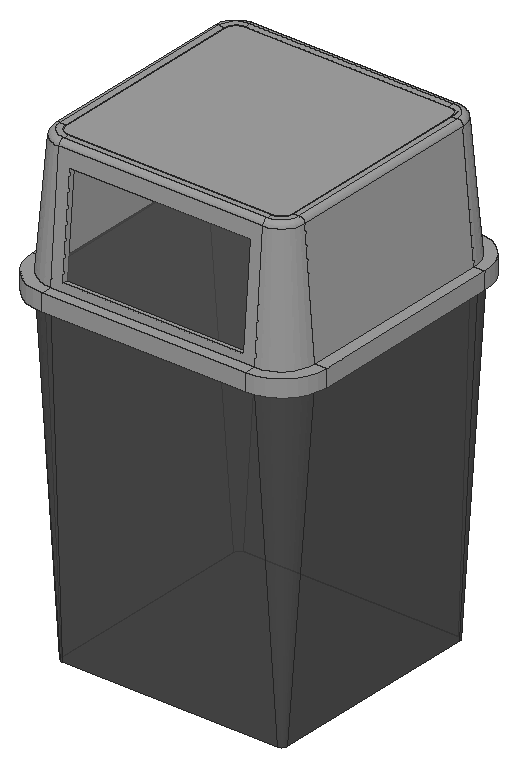
Revit family
Reference planes
  plane 1 "Center (Front/Back)": y = 0
  plane 2: z = 0
  plane 3 "Center (Left/Right)": x = 0
  plane 4: z = 762
  plane 5 "Top": z = 1066.8
  plane 6: y = 254
  plane 7: x = 254
  plane 8: y = -254
  plane 9: x = -254
  plane 10: z = 1054.1
Forms (mm)
  Blend 1, solid, material "Plastic - Black"
    base sketch origin (0, 0, 0) x (1, 0, 0) y (0, 1, 0)
      loop
        arc (-241.3, 254) -> (-250.28, 250.28) -> (-254, 241.3) r 12.7
        line (-254, 241.3) -> (-254, -241.3)
        arc (-254, -241.3) -> (-250.28, -250.28) -> (-241.3, -254) r 12.7
        line (-241.3, -254) -> (241.3, -254)
        arc (241.3, -254) -> (250.28, -250.28) -> (254, -241.3) r 12.7
        line (254, -241.3) -> (254, 241.3)
        arc (254, 241.3) -> (250.28, 250.28) -> (241.3, 254) r 12.7
        line (241.3, 254) -> (-241.3, 254)
    top sketch origin (0, 0, 0) x (1, 0, 0) y (0, 1, 0)
      loop
        arc (-228.6, 304.8) -> (-282.482, 282.482) -> (-304.8, 228.6) r 76.2
        line (-304.8, 228.6) -> (-304.8, -228.6)
        arc (-304.8, -228.6) -> (-282.482, -282.482) -> (-228.6, -304.8) r 76.2
        line (-228.6, -304.8) -> (228.6, -304.8)
        arc (228.6, -304.8) -> (282.482, -282.482) -> (304.8, -228.6) r 76.2
        line (304.8, -228.6) -> (304.8, 228.6)
        arc (304.8, 228.6) -> (282.482, 282.482) -> (228.6, 304.8) r 76.2
        line (228.6, 304.8) -> (-228.6, 304.8)
    from 0 to 762
  Extrusion 2, solid, material "Plastic - Gray, Dark"
    sketch origin (0, 0, 0) x (1, 0, 0) y (0, 1, 0)
      loop
        arc (-228.6, 241.3) -> (-246.561, 233.861) -> (-254, 215.9) r 25.4
        line (-254, 215.9) -> (-254, -228.6)
        arc (-254, -228.6) -> (-246.561, -246.561) -> (-228.6, -254) r 25.4
        line (-228.6, -254) -> (228.6, -254)
        arc (228.6, -254) -> (246.561, -246.561) -> (254, -228.6) r 25.4
        line (254, -228.6) -> (254, 228.6)
        arc (254, 228.6) -> (250.28, 237.58) -> (241.3, 241.3) r 12.7
        line (241.3, 241.3) -> (-228.6, 241.3)
    from 1066.8 to 1054.1
  Sweep 3, solid, material "Plastic - Gray, Dark"
    path origin (0, 0, 0) x (1, 0, 0) y (0, 1, 0)
      loop
        line (228.6, 241.3) -> (-228.6, 241.3)
        arc (-228.6, 241.3) -> (-246.561, 233.861) -> (-254, 215.9) r 25.4
        line (-254, 215.9) -> (-254, -228.6)
        arc (-254, -228.6) -> (-246.561, -246.561) -> (-228.6, -254) r 25.4
        line (-228.6, -254) -> (228.6, -254)
        arc (228.6, -254) -> (246.561, -246.561) -> (254, -228.6) r 25.4
        line (254, -228.6) -> (254, 215.9)
        arc (254, 215.9) -> (246.561, 233.861) -> (228.6, 241.3) r 25.4
    profile origin (0, 0, 0) x (0, -1, 0) y (0, 0, 1)
      loop
        line (-241.3, 1066.8) -> (-255.063, 1066.8)
        arc (-255.063, 1066.8) -> (-263.643, 1063.463) -> (-267.714, 1055.207) r 12.7
        line (-267.714, 1055.207) -> (-291.605, 782.137) -> (-317.005, 782.137) -> (-317.005, 744.037) -> (-304.305, 744.037) -> (-304.305, 769.437) -> (-279.967, 769.437) -> (-255.063, 1054.1) -> (-241.3, 1054.1) -> (-241.3, 1066.8)
  Extrusion 4, void
    sketch origin (-228.6, -304.305, 782.137) x (-1, 0, 0) y (0, 0.087156, 0.996195)
      loop
        line (-25.4, 240.214) -> (-431.8, 240.214) -> (-431.8, 17.977) -> (-25.4, 17.977) -> (-25.4, 240.214)
    from 0 to 70.211
Cuts and joins
  Extrusion 4 cuts Blend 1
  Extrusion 4 cuts Extrusion 2
  Extrusion 4 cuts Sweep 3
Lines and regions (mm)
  symbolic lines, style "Site Accessories"
    curve 1: line (253.722, 254, 0) -> (-256.292, 254, 0)
    curve 2: line (253.722, -256.292, 0) -> (253.722, 254, 0)
    curve 3: line (-256.292, -256.292, 0) -> (253.722, -256.292, 0)
    curve 4: line (-256.292, 254, 0) -> (-256.292, -256.292, 0)
Dimensions and locks
  locked: plane 4 to plane 2 at 762
  locked: plane 5 "Top" to plane 4 at 304.8
  aligned and locked: plane 4 to Blend 1
  aligned and locked: Extrusion 2 to plane 5 "Top"
  aligned and locked: Extrusion 2 to plane 10
  aligned and locked: Sweep 3 sketch curve to Extrusion 2
